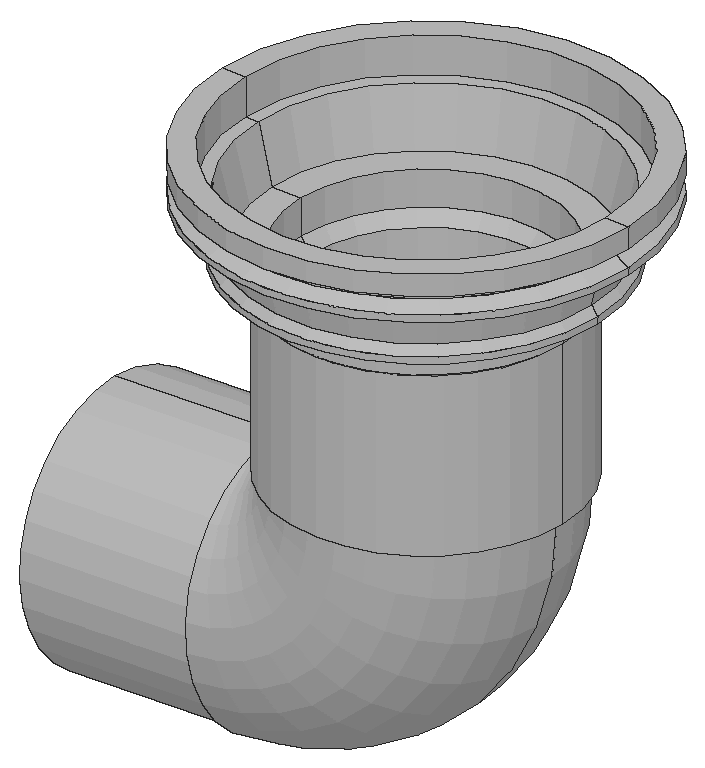
Revit family "482089001(1)", category Generic Models, host Floor, Revit 2019
Family settings
  Host = Floor
  Can host rebar = No
  Always vertical = Yes
  Cut with Voids When Loaded = No
  Shared = Yes
  Room Calculation Point = No
Parameters (values of type "482089001")
  SUPPLIER = "KOERO"
  NT = "Balcony transit and drain wastes"
  NN = "PLUVETTA® 90°"
  NBSYN = "$CNSORDERNO.($LODLEVEL.)"
  NB = "482089001(1)"
  Model = "482089001"
  Manufacturer = "KOERO"
  MIdent = "{$CADENAS_DATA/23d-libs/koero/pluvetta/pluvetta_90.prj},184 {VTYP=3D},{NB=482089001(1)},{LINA=482089001},{NN=PLUVETTA® 90°},{DATE=23.04.2020 08:29:07},{GEOMDATE=22.04.2020 12:28:20},{VERSION=},{LINEID=80},{WBVAR=LODLEVEL},{WBNUMERIC=LODLEVEL}  {NB=482089001(1)},{LINA=482089001},{KT=DUMMY},{CNSORDERNO=482089001},{LODLEVEL=1},{BEZ=Balkonpot Pluvetta® 80 mm met 90° bocht van PVC met 80 mm spi-eind, zonder rooster},{D=125},{D1=112},{D2=80},{H=174},{H1=135.4},{INFO=PDF Catalog},{HTML=Product page},{INFOPAGE=pluvetta_90},{INFOPATH=pluvetta_90_nl.pdf},{HTML1=https://debeer-sanitair.nl/maattekeningen/pluvetta/},{H2=89.000},{H3=11.000},{L1=43.750},{ANG=87.500},{L2=52.260},{DISTHELP=52.260},{DISTHELP2=44.158}"
  LODLEVEL = "300"
  LINA = "482089001"
  INFO = "PDF Catalog"
  HTML = "Product page"
  H1 = 135.4 mm
  H = 174 mm
  Description = "Balcony transit and drain wastes"
  D2 = 80 mm
  D1 = 112 mm
  D = 125 mm
  CREATOR = "CADENAS GmbH"
  CNSORDERNO = "482089001"
  CATALOG = "König & Ronneberger"
  BOMINFO = "LINA"
  BEZ = "Balkonpot Pluvetta® 80 mm met 90° bocht van PVC met 80 mm spi-eind, zonder rooster"
  ARTICLENO = "NB"
Reference planes
  plane 1 "Center (Front/Back)": y = 0
  plane 2: z = 0
  plane 3 "Center (Left/Right)": x = 0
Forms (mm)
  Extrusion 1, void
    sketch origin (-94.034, 0, -135.396) x (0.043619, 0, -0.999048) y (0, 1, 0)
      loop
        line (-0.5, -0.5) -> (0.5, -0.5) -> (0.5, 0.5) -> (-0.5, 0.5) -> (-0.5, -0.5)
    from 0 to 1
Dimensions and locks
  aligned and locked: level to plane 2
Nested families
  nested 1: "482089001(1)_content" at (0, 0, 0), type "482089001(1)_Content"
Connectors
  hvac at (0, 0, 0)
    settings: on host floor, index 1, duct flow 0.0 L/s, flow factor 0, pres drop 0.0 Pa, loss coef 0, conn angle 0.00°, conn width 304.8 mm, conn height 304.8 mm, conn diameter 112 mm, duct sys type 29, conn prof type 0, flow config 0, flow direction 1, loss method 0, conn ref index -1, conn util no, is conn primary yes, conn desc ""
  hvac at (-94.034, 0, -135.396)
    settings: on Extrusion 1, index 2, duct flow 0.0 L/s, flow factor 0, pres drop 0.0 Pa, loss coef 0, conn angle 0.00°, conn width 304.8 mm, conn height 304.8 mm, conn diameter 80 mm, duct sys type 29, conn prof type 0, flow config 0, flow direction 2, loss method 0, conn ref index -1, conn util no, is conn primary no, conn desc ""
Definition of nested family "482089001(1)_content"
  Parameters (values of type "482089001(1)_Content")
    SUPPLIER = "KOERO"
    NT = "Balcony transit and drain wastes"
    NN = "PLUVETTA® 90°"
    NBSYN = "$CNSORDERNO.($LODLEVEL.)"
    NB = "482089001(1)"
    Model = "482089001"
    Manufacturer = "KOERO"
    LODLEVEL = "300"
    LINA = "482089001"
    INFO = "PDF Catalog"
    HTML = "Product page"
    H1 = 135.4 mm
    H = 174 mm
    Description = "Balcony transit and drain wastes"
    Default Elevation = 1219.2 mm
    D2 = 80 mm
    D1 = 112 mm
    D = 125 mm
    CREATOR = "CADENAS GmbH"
    CNSORDERNO = "482089001"
    CATALOG = "König & Ronneberger"
    BOMINFO = "LINA"
    BEZ = "Balkonpot Pluvetta® 80 mm met 90° bocht van PVC met 80 mm spi-eind, zonder rooster"
    ARTICLENO = "NB"
  Reference planes
    plane 1 "Center (Front/Back)": y = 0
    plane 2: z = 0
    plane 3 "Center (Left/Right)": x = 0
  Forms (mm)
    Revolve 1, solid, detail levels medium+fine
      sketch origin (0, 0, 0) x (-1, 0, 0) y (0, 0, -1)
        loop
          line (-62.498, 6) -> (-62.498, 0) -> (-55.498, 0) -> (-55.498, 11) -> (-51.498, 11) -> (-47.498, 27.523) -> (-38.498, 27.523) -> (-38.498, 38) -> (-35.498, 42) -> (-33.498, 95) -> (-36.5, 95) -> (-38.5, 42) -> (-42.5, 39) -> (-42.5, 30) -> (-52.998, 30) -> (-52.998, 28) -> (-51.065, 25.539) -> (-53.653, 14.848) -> (-62.498, 13.184) -> (-62.498, 11.184) -> (-58.25, 9) -> (-58.25, 6) -> (-62.498, 6)
        axis (0, 95) -> (0, 0)
      angle from -360 to 0
    Revolve 2, solid, detail levels medium+fine
      sketch origin (0, 0, 0) x (-1, 0, 0) y (0, 0, -1)
        loop
          line (38.2, 87) -> (40.2, 87) -> (40.2, 39) -> (42.2, 39) -> (42.2, 89) -> (38.2, 89) -> (38.2, 87)
        axis (0, 39) -> (0, 89)
      angle from -360 to 0
    Revolve 3, solid, detail levels medium+fine
      sketch origin (0, 0, -89) x (-1, 0, 0) y (0, -1, 0)
        loop
          circle (0, 0) r 40.25
        loop
          circle (0, 0) r 38.2
        axis (43.75, 0) -> (43.75, -1)
      angle from 0 to 87.5
    Revolve 4, solid, detail levels medium+fine
      sketch origin (0, 0, 0) x (-1, 0, 0) y (0, 0, -1)
        loop
          line (43.425, 96.451) -> (43.512, 94.453) -> (95.722, 96.732) -> (95.635, 98.73) -> (43.425, 96.451)
        axis (41.824, 133.116) -> (94.034, 135.396)
      angle from 0 to 360
    Extrusion 5, solid, detail levels coarse
      sketch origin (-16.612, 0, -174.059) x (1, 0, 0) y (0, 1, 0)
        loop
          line (-79.11, -62.498) -> (79.11, -62.498) -> (79.11, 62.498) -> (-79.11, 62.498) -> (-79.11, -62.498)
      from 0 to 174.059
  Dimensions and locks
    aligned and locked: level to plane 2
